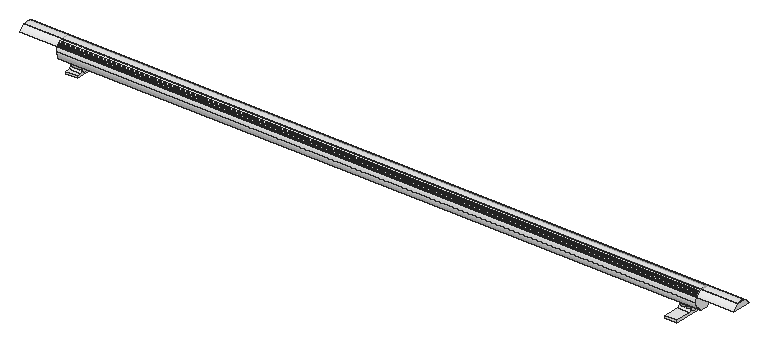
Revit family "Lighting-Linear-Acclaim-Ai Cove Eco", category Lighting Fixtures, host Face, Revit 2015
Parameters (values of type "D")
  Wattage = 9.2903 W
  built-in parameter 1150110 = 1 (stored number, unit not read)
  Voltage = 0 V
  URL = "http://www.acclaimlighting.com/"
  built-in parameter 1114217 = 1 (stored number, unit not read)
  Tilt Angle = -90.00°
  built-in parameter 1150109 = 1 (stored number, unit not read)
  built-in parameter 1150134 = 3
  built-in parameter 1150113 = 1 (stored number, unit not read)
  Power Factor = 1
  Photometric Web File = "generic"
  Number of Poles = 1
  built-in parameter 1150142 = (empty or 0)
  Model = "AL Cove Eco"
  Manufacturer = "Acclaim Lighting"
  built-in parameter 1150105 = 109.82 (stored number, unit not read)
  Lumens = 1380 lm
  built-in parameter 1150115 = 1 (stored number, unit not read)
  built-in parameter 1150137 = (empty or 0)
  built-in parameter 1150139 = (empty or 0)
  Length = 4' - 0"
  built-in parameter 1150112 = 1 (stored number, unit not read)
  built-in parameter 1150114 = 1 (stored number, unit not read)
  Lamp = "LED"
  built-in parameter 1150132 = (empty or 0)
  built-in parameter 1150102 = (empty or 0)
  built-in parameter 1150107 = 3200 (stored number, unit not read)
  built-in parameter 1150138 = (empty or 0)
  built-in parameter 1150106 = 1.0982 (stored number, unit not read)
  Housing Finish = Aluminum
  Emit from Line Length = Length  # 4' - 0"
  built-in parameter 1150104 = 13.8 (stored number, unit not read)
  Dimming Lamp Color Temperature Shift = <None>
  Description = "Cove Lighting"
  Default Elevation = 4' - 0"
  Color Filter = 16777215
  built-in parameter 1114218 = 1 (stored number, unit not read)
  built-in parameter 1150133 = 10 (stored number, unit not read)
  Apparent Load = 0 VA
Types (3): name | Length | Emit from Line Length
  (no name) | 4' - 0" | 4' - 0"
  A | 1' - 0" | 1' - 0"
  D | 4' - 0" | 4' - 0"
Reference planes (in)
  plane 1 "Center (Front/Back)": y = 0
  plane 2: z = 0
  plane 3 "Center (Left/Right)": x = 0
  plane 4: x = -24
  plane 5: x = 24
  plane 6: x = -2.86874
  plane 7: x = -2.08749
  plane 8: x = 2.06876
  plane 9: x = 2.85001
  plane 10: z = 1.7
Forms (in)
  Extrusion 1, solid, material "Aluminum" <- "Housing Finish"
    sketch origin (0, 0, 0) x (0, 1, 0) y (0, 0, 1)
      loop
        circle (0, 1.08493) r 0.67176
    from -21.5 to 21.49098
  Extrusion 2, solid, material "Aluminum" <- "Housing Finish"
    sketch origin (0, 0, 0.59375) x (0, 1, 0) y (0, 0, 1)
      loop
        line (-0.60019, 0.7929) -> (0.60019, 0.7929)
        arc (0.60019, 0.7929) -> (0, 1.16294) -> (-0.60019, 0.7929) r 0.67176
    from -24 to 24
  Extrusion 3, solid, material "Aluminum" <- "Housing Finish"
    sketch origin (0, 0, 0) x (0, 1, 0) y (0, 0, 1)
      loop
        line (-0.69727, 0.13395) -> (-0.69727, 0) -> (0, 0) -> (0.67237, 0) -> (0.67237, 0.13395) -> (0.38044, 0.13395)
        arc (0.38044, 0.13395) -> (0.27083, 0.24318) -> (0.23069, 0.39262) r 0.29828
        arc (0.23069, 0.39262) -> (0.16313, 0.55574) -> (0, 0.62331) r 0.23069
        arc (0, 0.62331) -> (-0.16313, 0.55574) -> (-0.23069, 0.39262) r 0.23069
        arc (-0.23069, 0.39262) -> (-0.27083, 0.24318) -> (-0.38044, 0.13395) r 0.29828
        line (-0.38044, 0.13395) -> (-0.69727, 0.13395)
    from -20.86874 to -20.08749
  Extrusion 4, solid, material "Aluminum" <- "Housing Finish"
    sketch origin (0, 0, 0) x (0, 1, 0) y (0, 0, 1)
      loop
        line (-1.47265, 0.13395) -> (-1.47265, 0) -> (0, 0) -> (1.47265, 0) -> (1.47265, 0.13395) -> (0.38044, 0.13395)
        arc (0.38044, 0.13395) -> (0.27083, 0.24318) -> (0.23069, 0.39262) r 0.29828
        arc (0.23069, 0.39262) -> (0.16313, 0.55574) -> (0, 0.62331) r 0.23069
        arc (0, 0.62331) -> (-0.16313, 0.55574) -> (-0.23069, 0.39262) r 0.23069
        arc (-0.23069, 0.39262) -> (-0.27083, 0.24318) -> (-0.38044, 0.13395) r 0.29828
        line (-0.38044, 0.13395) -> (-1.47265, 0.13395)
    from 20.06876 to 20.85001
  Extrusion 5, solid, material "Aluminum" <- "Housing Finish"
    sketch origin (0, 0, 0) x (0, 1, 0) y (0, 0, 1)
      loop
        circle (0, 0.37331) r 0.25
    from -20.86874 to -20.08749
  Extrusion 6, solid, material "Aluminum" <- "Housing Finish"
    sketch origin (0, -0.00075, 0) x (0, 1, 0) y (0, 0, 1)
      loop
        circle (0, 0.37331) r 0.25
    from 20.06876 to 20.85001
  Extrusion 7, void
    sketch origin (0, 0, 0) x (1, 0, 0) y (0, 1, 0)
      loop
        line (-24, 0.37168) -> (-24, -0.30737) -> (24, -0.30737) -> (24, 0.37168) -> (-24, 0.37168)
    from 1.7 to 1.77996
  Extrusion 8, solid, material "Glass, Frosted"
    sketch origin (0, 0, 0) x (0, 1, 0) y (0, 0, 1)
      loop
        arc (0.2701, 1.7) -> (0, 1.75669) -> (-0.2701, 1.7) r 0.67176
        line (-0.2701, 1.7) -> (0.2701, 1.7)
    from -24 to 24
Cuts and joins
  Extrusion 7 cuts Extrusion 1
  Extrusion 7 cuts Extrusion 2
  Extrusion 7 cuts Extrusion 3
  Extrusion 7 cuts Extrusion 4
  Extrusion 7 cuts Extrusion 5
  Extrusion 7 cuts Extrusion 6
Dimensions and locks (in)
  equal spacing: plane 4, plane 3 "Center (Left/Right)", plane 5
  plane 4 to plane 5 = 4' - 0"
  equal spacing: plane 5, plane 3 "Center (Left/Right)", plane 4
  "Length": plane 5 to plane 4
  locked: plane 4 to Extrusion 1 at 2.5
  locked: plane 5 to Extrusion 1 at 2.50902
  Extrusion 1 to Extrusion 3 to Extrusion 3 = 0' - 0.63126" locked, 0' - 0 25/32" locked
  locked: Extrusion 4 to Extrusion 4 at 0.78125
  locked: Extrusion 4 to Extrusion 1 at 0.64098
  aligned and locked: plane 2 to host face
  aligned and locked: level to host face
  aligned and locked: Extrusion 2 to plane 4
  aligned and locked: plane 5 to Extrusion 2
  aligned and locked: Extrusion 3 to Extrusion 5  (x2)
  aligned and locked: Extrusion 4 to Extrusion 6  (x2)
  aligned and locked: plane 4 to Extrusion 7 sketch curve
  aligned and locked: Extrusion 7 sketch curve to plane 5
  aligned and locked: Extrusion 8 to plane 4
  aligned and locked: plane 5 to Extrusion 8
Automatic sketch dimensions
  host sketch curve to host sketch curve = 8' - 0"  (x2)
  Extrusion 5 sketch curve to plane 1 "Center (Front/Back)" = 0' - 0"
  level to Extrusion 5 sketch curve = 0' - 0.37331"
  level to Extrusion 6 sketch curve = 0' - 0.37331"
  plane 1 "Center (Front/Back)" to Extrusion 6 sketch curve = 0' - 0.00075"
  plane 1 "Center (Front/Back)" to Extrusion 7 sketch curve = 0' - 0.30737"
  Extrusion 7 sketch curve to plane 1 "Center (Front/Back)" = 0' - 0.37168"
  Extrusion 4 sketch curve to Extrusion 4 sketch curve = 0' - 0"  (x3)
  Extrusion 4 sketch curve to level = 0' - 0"
  Extrusion 4 sketch curve to plane 1 "Center (Front/Back)" = 0' - 0"  (x2)
  level to Extrusion 4 sketch curve = 0' - 0.13395"  (x2)
  plane 1 "Center (Front/Back)" to Extrusion 4 sketch curve = 0' - 0.38044"
  Extrusion 4 sketch curve to Extrusion 4 sketch curve = 0' - 0.14854"  (x2)
  Extrusion 4 sketch curve to Extrusion 4 sketch curve = 0' - 0.94368"  (x2)
  Extrusion 4 sketch curve to plane 1 "Center (Front/Back)" = 0' - 0.38044"
  Extrusion 4 sketch curve to Extrusion 4 sketch curve = 0' - 0.25866"
  Extrusion 3 sketch curve to Extrusion 3 sketch curve = 0' - 0"  (x3)
  Extrusion 3 sketch curve to level = 0' - 0"
  Extrusion 3 sketch curve to plane 1 "Center (Front/Back)" = 0' - 0"  (x2)
  level to Extrusion 3 sketch curve = 0' - 0.13395"  (x2)
  plane 1 "Center (Front/Back)" to Extrusion 3 sketch curve = 0' - 0.38044"
  Extrusion 3 sketch curve to Extrusion 3 sketch curve = 0' - 0.14854"  (x2)
  Extrusion 3 sketch curve to Extrusion 3 sketch curve = 0' - 0.16829"
  Extrusion 3 sketch curve to plane 1 "Center (Front/Back)" = 0' - 0.38044"
  Extrusion 3 sketch curve to Extrusion 3 sketch curve = 0' - 0.29193"
  Extrusion 3 sketch curve to Extrusion 3 sketch curve = 0' - 0.25866"
  Extrusion 1 sketch curve to plane 1 "Center (Front/Back)" = 0' - 0"
  Extrusion 1 sketch curve to plane 10 = 0' - 0.61507"
  Extrusion 2 sketch curve to plane 1 "Center (Front/Back)" = 0' - 0"
  Extrusion 2 sketch curve to plane 10 = 0' - 0.61507"
  plane 1 "Center (Front/Back)" to Extrusion 2 sketch curve = 0' - 0.60019"
  Extrusion 2 sketch curve to plane 10 = 0' - 0.31335"
  Extrusion 8 sketch curve to plane 10 = 0' - 0"
  Extrusion 8 sketch curve to plane 1 "Center (Front/Back)" = 0' - 0"
  Extrusion 8 sketch curve to plane 10 = 0' - 0.61507"
  plane 1 "Center (Front/Back)" to Extrusion 8 sketch curve = 0' - 0.2701"
  radius of Extrusion 5 sketch curve = 0' - 0 1/4"
  radius of Extrusion 6 sketch curve = 0' - 0 1/4"
  radius of Extrusion 1 sketch curve = 0' - 0.67176"
Connectors (in)
  electrical at (21.49098, 0, 1.39247), driven by "Number of Poles", driven by "Voltage", driven by "Apparent Load", driven by "Power Factor"
    settings: on cut or joined group of Extrusion 1, Extrusion 7, index 1, voltage 0 V, apparent load 0 VA, apparent load phase1 0 VA, apparent load phase2 0 VA, apparent load phase3 0 VA, power factor 1, load classification "Other", number of poles 1, system type 31, power factor state 1, is connector primary yes, connector utility no, sub classification motor no, connector description "Power"
